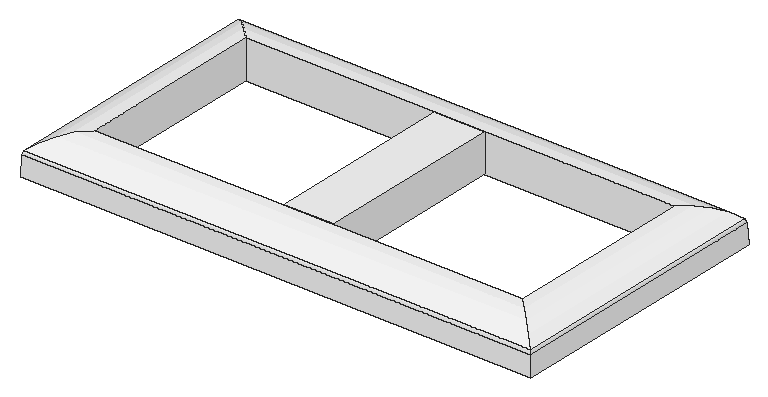
Revit family "Gira_021204", category Electrical Fixtures, host Face, Revit 2017
Family settings
  Host = Face
  Maintain Annotation Orientation = No
  Round Connector Dimension = Use Diameter
  Part Type = Normal
  Cut with Voids When Loaded = No
  Shared = No
  Room Calculation Point = No
Parameters (values of type "Cov.fr. 2-g Standard 55 p.white m")
  With mounting grid = "No"
  With hinged lid = "No"
  URL = "http://katalog.gira.de/en/datenblatt.html?artikelnr=021204"
  Type of fastening = "Clamp mounting"
  Transparent = "No"
  Surface protection = "Other"
  Surface finishing = "Matt"
  Suitable for wall duct = "No"
  Suitable for flush-mounted installation = "Yes"
  Suitable for floor box = "No"
  Suitable for built-in installation = "No"
  RAL-number (akin) = "9010"
  Number of units vertical = "2"
  Number of units horizontal = "2"
  Number of units = "2"
  Name = "Cov.fr. 2-g Standard 55 p.white m"
  Mounting direction = "Horizontal and vertical"
  Material quality = "Thermoplastic"
  Material = "Plastic"
  Manufacturer URL = "https://www.gira.de/"
  Manufacturer = "Gira"
  Label space/information surface = "No"
  Keynote = ""
  HeinzeBIM = "https://bimportal.heinze.de/bim/cov-fr-2-g-standard-55-p-white-m/6125708a948c129fa122e1f2706daa3f7a8dde50"
  Halogen free = "Yes"
  HAN = "021204"
  GTIN = "4010337212041"
  Description = "Cov.fr.2g Std55 PWm,Gira Standard 55 cover frame,pure white matt,2-gang,Features:,- Shatter-proof.,,Notes :,- Also suitable for duct installation.,- In connection with the seal kit, frame (1-gang to 5-gang) is also suitable for installation as water-protected flush-mounted IP44."
  Degree of protection (IP) = "IP20"
  Default Elevation = 1219.2 mm
  Data sheet (1) = "https://katalog.gira.de/en/download.html?artikelnr=021204"
  Colour = "White"
  Category = "Cover frame for domestic switching devices"
  BIM (1) = "https://media.stage.bim.site/public/gira/36a6b08/Std55_Rahmen_2fach.rfa"
  Available = "No"
Reference planes
  plane 1 "Center (Front/Back)": y = 0
  plane 2: z = 0
  plane 3 "Center (Left/Right)": x = 0
  plane 4: y = -75.9
  plane 5: y = 75.9
  plane 6: x = -40.3
  plane 7: x = 40.3
  plane 8: y = -7.4
  plane 9: y = 7.4
Forms (mm)
  Sweep 1, solid, material "White", detail levels fine
    path origin (0, 0, 0) x (0, -1, 0) y (1, 0, 0)
      loop
        line (40.3, 75.9) -> (-40.3, 75.9) -> (-40.3, -75.9) -> (40.3, -75.9) -> (40.3, 75.9)
    profile origin (75.9, 0, 0) x (-1, 0, 0) y (0, 0, 1)
      loop
        arc (12.22, 11.373) -> (5.983, 10.294) -> (0.641, 6.901) r 16.145
        arc (0.641, 6.901) -> (0.395, 6.426) -> (0.309, 5.898) r 1.694
        line (0.309, 5.898) -> (0, 0) -> (12.319, 0) -> (12.22, 11.373)
  Extrusion 2, solid, material "White", detail levels coarse+medium
    sketch origin (0, 0, 0) x (0, -1, 0) y (1, 0, 0)
      loop
        line (40.3, 75.9) -> (-40.3, 75.9) -> (-40.3, -75.9) -> (40.3, -75.9) -> (40.3, 75.9)
    from 0 to 11.373
  Extrusion 3, solid, material "White", detail levels fine
    sketch origin (0, 0, 0) x (1, 0, 0) y (0, 0, 1)
      loop
        line (7.4, 0) -> (7.4, 11.373) -> (-7.4, 11.373) -> (-7.4, 0) -> (7.4, 0)
    from -28.08 to 28.08
Dimensions and locks
  aligned and locked: plane 2 to host face
  aligned and locked: level to host face
